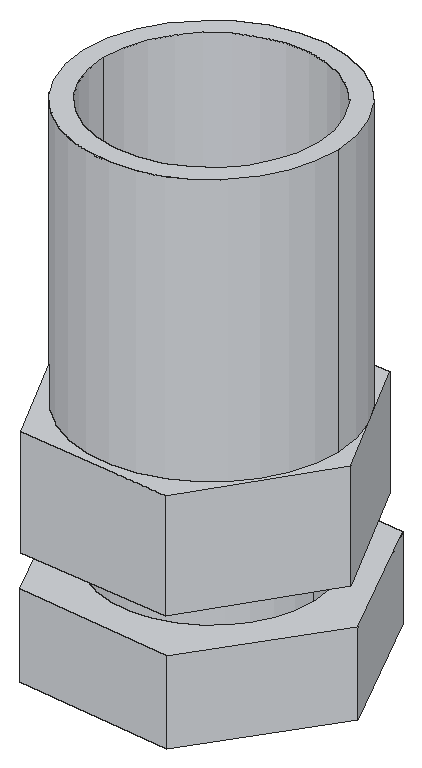
Revit family "PAF20W", category Generic Models, Revit 2017
Family settings
  Can host rebar = No
  Round Connector Dimension = Use Diameter
  Part Type = Normal
  Work Plane-Based = Yes
  Always vertical = No
  Cut with Voids When Loaded = No
  Shared = No
  Room Calculation Point = No
Parameters (values of type "NBS Standard Parameters")
  Weight = "0.0106Kg"
  WarrantyStartDate [instance] = "1900-12-31T23:59:59"
  WarrantyGuarantorParts = "n/a"
  WarrantyGuarantorLabor = "n/a"
  WarrantyDurationUnit = "1 year"
  WarrantyDurationParts = "n/a"
  WarrantyDurationLabor = "n/a"
  WarrantyDescription = "n/a"
  Version = "1"
  Uniclass2 = "Pr_65_70_11_20"
  TagNumber [instance] = "n/a"
  SustainabilityPerformance = "n/a"
  Size = "20mm"
  Shape = "Circular"
  SerialNumber [instance] = "n/a"
  Revision = "n/a"
  ReplacementCost = "n/a"
  ProductInformation = "www.metpro.co.uk/pdf/paf20w.pdf"
  NominalWidth = 22.5 mm
  NominalLength = 22.5 mm
  NominalHeight = 40 mm
  Name = ""
  NBSTypeID = ""
  NBSReference = "90-55-10/460"
  NBSOfficeMasterTag = ""
  NBSNote = ""
  NBSDescription = "Conduit Fittings"
  NBSCertification = ""
  ModelReference = "PAF20W"
  ModelNumber = "n/a"
  Material = "PVC"
  ManufacturerURL = "www.metpro.co.uk"
  ManufacturerName = "Metpro Ltd"
  Keynote = "Manufactured to BS4607 Part 1"
  InstallationDate [instance] = "1900-12-31T23:59:59"
  IfcExportType = ""
  IfcExportAs = ""
  Grade = "n/a"
  Finish = "White"
  Features = "n/a"
  ExpectedLife = "n/a"
  DurationUnit = "year"
  Description = "PAF20W - 20mm Female Adaptor"
  Default Elevation = 1219.2 mm
  Constituents = "n/a"
  Color = "n/a"
  CodePerformance = "n/a"
  Category = "n/a"
  BarCode [instance] = "n/a"
  BIMObjectName = "Metpro_metprolibrary_conduitfittings_PVCcomponent_accessory"
  Author = "Metpro Ltd"
  AssetType = ""
  AssetIdentifier [instance] = "n/a"
  AccessibilityPerformance = "n/a"
Reference planes
  plane 1 "Center (Front/Back)": y = 0
  plane 2: z = 0
  plane 3 "Center (Left/Right)": x = 0
Forms (mm)
  Extrusion 1, solid
    sketch origin (155.469, -377.959, -519.236) x (0, 1, 0) y (-1, 0, 0)
      loop
        circle (1266.546, -8215.814) r 10
      loop
        circle (1266.546, -8215.814) r 11.75
    from 0.949 to 35
  Extrusion 2, solid
    sketch origin (155.469, -377.959, -519.236) x (0, 1, 0) y (-1, 0, 0)
      loop
        circle (1266.546, -8215.814) r 10
      loop
        line (1266.949, -8201.495) -> (1254.426, -8207.876) -> (1253.69, -8221.912) -> (1265.478, -8229.567) -> (1278.001, -8223.186) -> (1278.737, -8209.15) -> (1266.949, -8201.495)
    from 0 to 10
  Extrusion 3, solid
    sketch origin (155.469, -377.959, -519.236) x (-1, 0, 0) y (0, 1, 0)
      loop
        circle (-8215.814, 1266.546) r 9.491
      loop
        circle (-8215.814, 1266.546) r 5.712
    from -5.273 to 3.707
  Extrusion 4, solid
    sketch origin (155.469, -377.959, -519.236) x (-1, 0, 0) y (0, 1, 0)
      loop
        line (-8222.104, 1253.527) -> (-8207.684, 1254.589) -> (-8201.394, 1267.608) -> (-8209.524, 1279.565) -> (-8223.944, 1278.502) -> (-8230.233, 1265.483) -> (-8222.104, 1253.527)
      loop
        circle (-8215.814, 1266.546) r 5.712
    from 3.147 to 10.807
Dimensions and locks
  aligned and locked: level to plane 2
